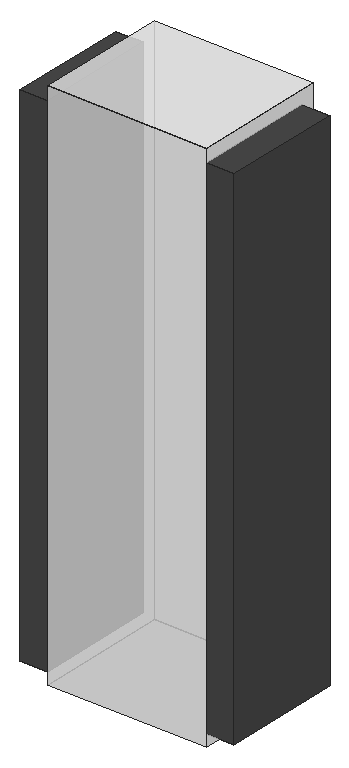
Revit family "3-745 Helio Wall Lantern", category Lighting Fixtures, host Wall, Revit 2018
Family settings
  Host = Wall
  Round Connector Dimension = Use Diameter
  Part Type = Normal
  OmniClass Number = 23.80.70.00
  OmniClass Title = Lighting
  Always vertical = Yes
  Cut with Voids When Loaded = No
  Light Source = Yes
  Shared = No
  Room Calculation Point = No
Parameters (values of type "3-744-15 / Black - White Frost Glass")
  Width = 6.38"
  Wattage Comments = "18.31 W at 120 V"  # constant formula
  Wattage = 3.51416 W
  built-in parameter 1150110 = 1 (stored number, unit not read)
  Voltage Input = "120 V or 277 V - 50/60 Hz"  # constant formula
  Voltage = 120 V
  URL = "www.oxygenlighting.com"
  built-in parameter 1114217 = 1 (stored number, unit not read)
  Tilt Angle = 0.00°
  built-in parameter 1150109 = 1 (stored number, unit not read)
  built-in parameter 1150134 = (empty or 0)
  built-in parameter 1150113 = 1 (stored number, unit not read)
  References = "Ref. 3 = 120 V / Ref. 37 = 277 V"  # constant formula
  Photometric Web File = "3-745-15 Helio Outdoor.ies"
  Model = "3-745-xx Hellio Wall Lantern"  # constant formula
  Metal Finish = 15 - Black
  Manufacturer = "Oxygen - Lighting & Fans"  # constant formula
  Main Diffuser = White Frost Glass
  Lumens = 64.3442 lm
  built-in parameter 1150115 = 1 (stored number, unit not read)
  built-in parameter 1150105 = 5.1204 (stored number, unit not read)
  built-in parameter 1150137 = (empty or 0)
  built-in parameter 1150139 = (empty or 0)
  Length = 4.00"
  built-in parameter 1150112 = 1 (stored number, unit not read)
  built-in parameter 1150114 = 1 (stored number, unit not read)
  Lamp = "LED Array"  # constant formula
  built-in parameter 1150132 = (empty or 0)
  built-in parameter 1150102 = (empty or 0)
  built-in parameter 1150138 = (empty or 0)
  built-in parameter 1150107 = 3000 (stored number, unit not read)
  built-in parameter 1150106 = 0.051204 (stored number, unit not read)
  Height = 16.00"
  built-in parameter 1150104 = 1.7011 (stored number, unit not read)
  Dimming Lamp Color Temperature Shift = <None>
  Color Filter = 16777215
  built-in parameter 1114218 = 1 (stored number, unit not read)
  built-in parameter 1150133 = 10 (stored number, unit not read)
Reference planes (in)
  plane 1: y = 0
  plane 2 "Light Source Axis (F/B)": y = 5
  plane 3 "Light Source Axis (L/R)": x = -1.43133
  plane 4 "Light Source Elevation": z = 54
  plane 5 "Wall Face": y = 3
  plane 6: z = 62
  plane 7: z = 46
  plane 8: x = 1.75867
  plane 9: x = -4.62133
  plane 10: y = 7
Forms (in)
  Extrusion 1, solid, material "White Frost Glass" <- "Main Diffuser"
    sketch origin (0, 5, 0) x (1, 0, 0) y (0, 0, 1)
      loop
        line (0.93088, 62) -> (-3.79353, 62) -> (-3.79353, 46) -> (0.93088, 46) -> (0.93088, 62)
    from -2 to 2
  Extrusion 2, solid, material "15 - Black" <- "Metal Finish"
    sketch origin (0, 5, 0) x (1, 0, 0) y (0, 0, 1)
      loop
        line (1.75867, 61.60728) -> (0.93088, 61.60728) -> (0.93088, 46.39272) -> (1.75867, 46.39272) -> (1.75867, 61.60728)
    from -1.55906 to 2
  Extrusion 3, solid, material "15 - Black" <- "Metal Finish"
    sketch origin (-2.86265, 5, 0) x (-1, 0, 0) y (0, 0, -1)
      loop
        line (1.75867, -61.60728) -> (1.75867, -46.39272) -> (0.93088, -46.39272) -> (0.93088, -61.60728) -> (1.75867, -61.60728)
    from -1.55906 to 2
Text (in)
  text "Placement Side" at (0, 40.15149, 123.01588), in view "Right"
  text "Placement Side" at (-70.3804, 56.61594, 0), in view "Ref. Level"
  text "Placement Side" at (0, 47.49176, 140.59947), in view "Left"
Dimensions and locks (in)
  equal spacing: plane 9, plane 3 "Light Source Axis (L/R)", plane 8
  "Width": plane 9 to plane 8
  equal spacing: plane 7, plane 4 "Light Source Elevation", plane 6
  "Height": plane 7 to plane 6
  locked: Extrusion 2 to plane 6 at 0.39272
  locked: plane 7 to Extrusion 2 at 0.39272
  locked: Extrusion 3 to plane 6 at 0.39272
  locked: plane 7 to Extrusion 3 at 0.39272
  equal spacing: plane 5 "Wall Face", plane 2 "Light Source Axis (F/B)", plane 10
  "Length": plane 5 "Wall Face" to plane 10
  locked: plane 10 to Extrusion 3 at 0.44094
  locked: plane 10 to Extrusion 2 at 0.44094
  locked: plane 8 to Extrusion 1 at 0.8278
  locked: plane 9 to Extrusion 1 at 0.8278  (x2)
  locked: Extrusion 1 to plane 8 at 0.8278
  aligned and locked: plane 3 "Light Source Axis (L/R)" to imposter light
  aligned and locked: plane 5 "Wall Face" to host wall
  aligned and locked: plane 6 to Extrusion 1 sketch curve
  aligned and locked: Extrusion 1 sketch curve to plane 7
  aligned and locked: Extrusion 2 to plane 8
  aligned and locked: Extrusion 2 to Extrusion 1
  aligned and locked: Extrusion 3 to Extrusion 1
  aligned and locked: plane 9 to Extrusion 3
  aligned and locked: plane 10 to Extrusion 1
  aligned and locked: plane 5 "Wall Face" to Extrusion 1
  aligned and locked: plane 5 "Wall Face" to Extrusion 2
  aligned and locked: plane 5 "Wall Face" to Extrusion 3
Automatic sketch dimensions
  Extrusion 1 sketch curve to plane 9 = 0.8278"
  plane 8 to Extrusion 1 sketch curve = 0.8278"
  plane 8 to Extrusion 2 sketch curve = 0.00"
  Extrusion 2 sketch curve to plane 7 = 0.39272"
  Extrusion 2 sketch curve to Extrusion 2 sketch curve = 0.8278"
  plane 6 to Extrusion 2 sketch curve = 0.39272"
  plane 9 to Extrusion 3 sketch curve = 0.00"
  plane 7 to Extrusion 3 sketch curve = 0.39272"
  plane 9 to Extrusion 3 sketch curve = 0.8278"
  Extrusion 3 sketch curve to plane 6 = 0.39272"
Connectors (in)
  electrical at (-1.43133, 3, 54), driven by "Voltage"
    settings: on Extrusion 1, index 1, voltage 120 V, apparent load 0 VA, apparent load phase1 0 VA, apparent load phase2 0 VA, apparent load phase3 0 VA, power factor 1, load classification "Other", number of poles 1, system type 31, power factor state 1, is connector primary yes, connector utility no, sub classification motor no, connector description ""
